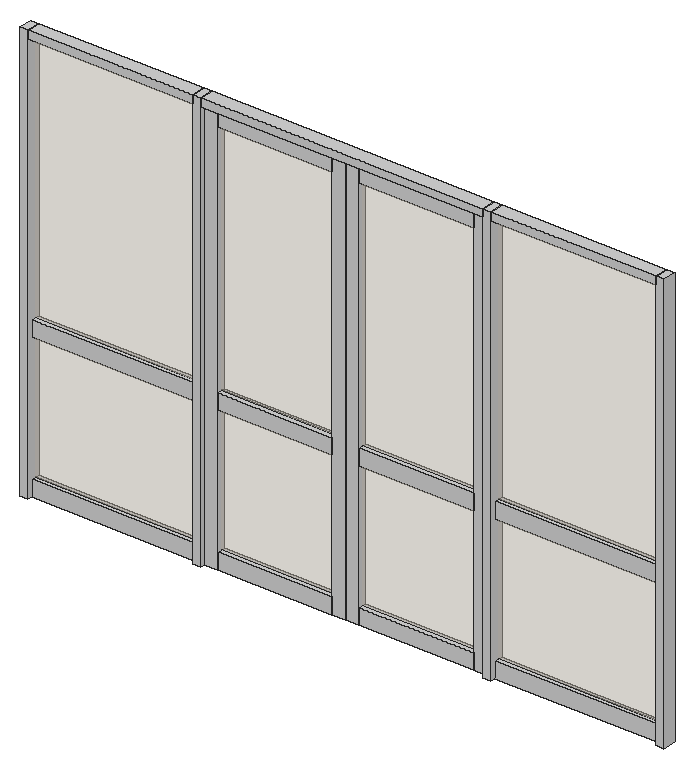
Revit family "DAL_A3-Aluminium-DD-with-sidelights-TA55", category Doors, host Wall, Revit 2016
Family settings
  Host = Wall
  Always vertical = Yes
  Cut with Voids When Loaded = No
  Shared = No
  Room Calculation Point = No
Parameters (values of type "3645w x 2380h Double Door Center")
  Shop Depth = 57.5 mm
  Other = ""
  Notes = ""
  Height = 2380 mm
  Wall Closure = By host
  Width = 3645 mm
  Function = Interior
  Construction Type = "TA55"
  Assembly Code = ""
Reference planes
  plane 1: y = 0
  plane 2 "Center (Left/Right)": x = 0
  plane 3 "Left": x = -1822.5
  plane 4 "Right": x = 1822.5
  plane 5: z = 2380
  plane 6 "Exterior": y = 172.5
  plane 7 "Interior": y = -172.5
  plane 8 "Shop Cline": y = 115
  plane 9 "Horizontal 01": z = 1490
  plane 10 "Bumper Rail": z = 900
  plane 11 "Door Opening": x = 822.5
  plane 12: x = 800
  plane 13: x = -822.5
  plane 14: x = -800
Forms (mm)
  Sweep 1, solid, material "Shopfront Frame"
    path origin (0, 115, 0) x (1, 0, 0) y (0, 0, 1)
      loop
        line (1822.5, 0) -> (1822.5, 2380)
    profile origin (1822.5, 115, 1190) x (-1, 0, 0) y (0, -1, 0)
      loop
        line (0, -28.01) -> (45, -28.01) -> (45, 46.99) -> (0, 46.99) -> (0, -28.01)
  Sweep 2, solid, material "Shopfront Frame"
    path origin (0, 115, 0) x (1, 0, 0) y (0, 0, 1)
      loop
        line (-1822.5, 2380) -> (-1822.5, 0)
    profile origin (-1822.5, 115, 1190) x (0, -1, 0) y (1, 0, 0)
      loop
        line (-28.01, 0) -> (46.99, 0) -> (46.99, 45) -> (-28.01, 45) -> (-28.01, 0)
  Sweep 3, solid, material "Shopfront Frame"
    path origin (0, 115, 0) x (1, 0, 0) y (0, 0, 1)
      loop
        line (822.5, 2380) -> (822.5, 0)
    profile origin (822.5, 115, 1190) x (0, -1, 0) y (1, 0, 0)
      loop
        line (-28.01, -22.5) -> (46.99, -22.5) -> (46.99, 22.5) -> (-28.01, 22.5) -> (-28.01, -22.5)
  Sweep 4, solid, material "Shopfront Frame"
    path origin (0, 115, 0) x (1, 0, 0) y (0, 0, 1)
      loop
        line (1777.5, 2380) -> (845, 2380)
    profile origin (1311.25, 115, 2380) x (0, 0, -1) y (0, -1, 0)
      loop
        line (0, -28.01) -> (45, -28.01) -> (45, 46.99) -> (0, 46.99) -> (0, -28.01)
  Sweep 5, solid, material "Shopfront Frame"
    path origin (0, 115, 0) x (1, 0, 0) y (0, 0, 1)
      loop
        line (800, 2380) -> (-800, 2380)
    profile origin (0, 115, 2380) x (0, 0, -1) y (0, -1, 0)
      loop
        line (0, -28.01) -> (45, -28.01) -> (45, 46.99) -> (0, 46.99) -> (0, -28.01)
  Sweep 6, solid, material "Shopfront Frame"
    path origin (0, 115, -35) x (1, 0, 0) y (0, 0, 1)
      loop
        line (1777.5, 900) -> (845, 900)
    profile origin (1311.25, 115, 865) x (0, 0, -1) y (0, -1, 0)
      loop
        line (-35, -23.01) -> (55, -23.01) -> (55, 21.99) -> (-35, 21.99) -> (-35, -23.01)
  Sweep 7, solid, material "Shopfront Frame"
    path origin (0, 115, 0) x (1, 0, 0) y (0, 0, 1)
      loop
        line (800, 0) -> (800, 2335)
    profile origin (800, 115, 1167.5) x (-1, 0, 0) y (0, -1, 0)
      loop
        line (0, -23.01) -> (75, -23.01) -> (75, 21.99) -> (0, 21.99) -> (0, -23.01)
  Sweep 8, solid, material "Shopfront Frame"
    path origin (0, 115, 0) x (1, 0, 0) y (0, 0, 1)
      loop
        line (1777.5, 0) -> (845, 0)
    profile origin (1311.25, 115, 0) x (0, 0, -1) y (0, -1, 0)
      loop
        line (-90, -23.01) -> (0, -23.01) -> (0, 21.99) -> (-90, 21.99) -> (-90, -23.01)
  Sweep 9, solid, material "Shopfront Frame"
    path origin (0, 115, 0) x (1, 0, 0) y (0, 0, 1)
      loop
        line (-800, 2335) -> (-800, 0)
    profile origin (-800, 115, 1167.5) x (0, -1, 0) y (1, 0, 0)
      loop
        line (-23.01, 0) -> (21.99, 0) -> (21.99, 75) -> (-23.01, 75) -> (-23.01, 0)
  Sweep 10, solid, material "Shopfront Frame"
    path origin (0, 115, 0) x (1, 0, 0) y (0, 0, 1)
      loop
        line (-75, 2335) -> (-725, 2335)
    profile origin (-400, 115, 2335) x (0, 0, -1) y (0, -1, 0)
      loop
        line (0, -23.01) -> (90, -23.01) -> (90, 21.99) -> (0, 21.99) -> (0, -23.01)
  Sweep 11, solid, material "Shopfront Frame"
    path origin (0, 115, 0) x (1, 0, 0) y (0, 0, 1)
      loop
        line (-75, 900) -> (-725, 900)
    profile origin (-400, 115, 900) x (0, 0, -1) y (0, -1, 0)
      loop
        line (0, -23.01) -> (90, -23.01) -> (90, 21.99) -> (0, 21.99) -> (0, -23.01)
  Extrusion 12, solid, material "Glass"
    sketch origin (0, 115, 0) x (1, 0, 0) y (0, 0, 1)
      loop
        line (-75, 90) -> (-75, 810) -> (-725, 810) -> (-725, 90) -> (-75, 90)
    from -2 to 2
  Extrusion 13, solid, material "Glass"
    sketch origin (0, 115, 0) x (1, 0, 0) y (0, 0, 1)
      loop
        line (-75, 2245) -> (-725, 2245) -> (-725, 900) -> (-75, 900) -> (-75, 2245)
    from -2 to 2
  Extrusion 14, solid, material "Glass"
    sketch origin (0, 115, 0) x (1, 0, 0) y (0, 0, 1)
      loop
        line (1777.5, 2335) -> (845, 2335) -> (845, 900) -> (1777.5, 900) -> (1777.5, 2335)
    from -2 to 2
  Extrusion 15, solid, material "Glass"
    sketch origin (0, 115, 0) x (1, 0, 0) y (0, 0, 1)
      loop
        line (1777.5, 810) -> (845, 810) -> (845, 90) -> (1777.5, 90) -> (1777.5, 810)
    from -2 to 2
  Extrusion 16, solid, material "Glass"
    sketch origin (0, 115, 0) x (1, 0, 0) y (0, 0, 1)
      loop
        line (725, 810) -> (75, 810) -> (75, 90) -> (725, 90) -> (725, 810)
    from -2 to 2
  Extrusion 17, solid, material "Glass"
    sketch origin (0, 115, 0) x (1, 0, 0) y (0, 0, 1)
      loop
        line (725, 2245) -> (75, 2245) -> (75, 900) -> (725, 900) -> (725, 2245)
    from -2 to 2
  Sweep 18, solid, material "Shopfront Frame"
    path origin (0, 115, 0) x (1, 0, 0) y (0, 0, 1)
      loop
        line (0, 2335) -> (0, 0)
    profile origin (0, 115, 1167.5) x (0, -1, 0) y (1, 0, 0)
      loop
        line (-23.01, -75) -> (21.99, -75) -> (21.99, 0) -> (-23.01, 0) -> (-23.01, -75)
  Sweep 19, solid, material "Shopfront Frame"
    path origin (0, 115, 75) x (1, 0, 0) y (0, 0, 1)
      loop
        line (0, -75) -> (0, 2260)
    profile origin (0, 115, 1167.5) x (-1, 0, 0) y (0, -1, 0)
      loop
        line (0, -23.01) -> (0, 21.99) -> (-75, 21.99) -> (-75, -23.01) -> (0, -23.01)
  Sweep 20, solid, material "Shopfront Frame"
    path origin (0, 115, 0) x (1, 0, 0) y (0, 0, 1)
      loop
        line (725, 2335) -> (75, 2335)
    profile origin (400, 115, 2335) x (0, 0, -1) y (0, -1, 0)
      loop
        line (0, -23.01) -> (90, -23.01) -> (90, 21.99) -> (0, 21.99) -> (0, -23.01)
  Sweep 21, solid, material "Shopfront Frame"
    path origin (0, 115, 0) x (1, 0, 0) y (0, 0, 1)
      loop
        line (725, 900) -> (75, 900)
    profile origin (400, 115, 900) x (0, 0, -1) y (0, -1, 0)
      loop
        line (0, -23.01) -> (90, -23.01) -> (90, 21.99) -> (0, 21.99) -> (0, -23.01)
  Sweep 22, solid, material "Shopfront Frame"
    path origin (0, 115, 0) x (1, 0, 0) y (0, 0, 1)
      loop
        line (725, 0) -> (75, 0)
    profile origin (400, 115, 0) x (0, 0, -1) y (0, -1, 0)
      loop
        line (-90, -23.01) -> (0, -23.01) -> (0, 21.99) -> (-90, 21.99) -> (-90, -23.01)
  Sweep 23, solid, material "Shopfront Frame"
    path origin (0, 115, 0) x (1, 0, 0) y (0, 0, 1)
      loop
        line (-75, 0) -> (-725, 0)
    profile origin (-400, 115, 0) x (0, 0, -1) y (0, -1, 0)
      loop
        line (-90, -23.01) -> (0, -23.01) -> (0, 21.99) -> (-90, 21.99) -> (-90, -23.01)
  Sweep 24, solid, material "Shopfront Frame"
    path origin (0, 115, 0) x (1, 0, 0) y (0, 0, 1)
      loop
        line (-822.5, 0) -> (-822.5, 2380)
    profile origin (-822.5, 115, 1190) x (-1, 0, 0) y (0, -1, 0)
      loop
        line (22.5, 46.99) -> (-22.5, 46.99) -> (-22.5, -28.01) -> (22.5, -28.01) -> (22.5, 46.99)
  Sweep 25, solid, material "Shopfront Frame"
    path origin (0, 115, 0) x (1, 0, 0) y (0, 0, 1)
      loop
        line (-845, 2380) -> (-1777.5, 2380)
    profile origin (-1311.25, 115, 2380) x (0, 0, -1) y (0, -1, 0)
      loop
        line (45, -28.01) -> (45, 46.99) -> (0, 46.99) -> (0, -28.01) -> (45, -28.01)
  Sweep 26, solid, material "Shopfront Frame"
    path origin (0, 115, 0) x (1, 0, 0) y (0, 0, 1)
      loop
        line (-845, 900) -> (-1777.5, 900)
    profile origin (-1311.25, 115, 900) x (0, 0, -1) y (0, -1, 0)
      loop
        line (0, -23.01) -> (90, -23.01) -> (90, 21.99) -> (0, 21.99) -> (0, -23.01)
  Extrusion 27, solid, material "Glass"
    sketch origin (0, 115, 0) x (1, 0, 0) y (0, 0, 1)
      loop
        line (-845, 900) -> (-845, 2335) -> (-1777.5, 2335) -> (-1777.5, 900) -> (-845, 900)
    from -2 to 2
  Sweep 28, solid, material "Shopfront Frame"
    path origin (0, 115, 0) x (1, 0, 0) y (0, 0, 1)
      loop
        line (-845, 0) -> (-1777.5, 0)
    profile origin (-1311.25, 115, 0) x (0, 0, -1) y (0, -1, 0)
      loop
        line (-90, -23.01) -> (0, -23.01) -> (0, 21.99) -> (-90, 21.99) -> (-90, -23.01)
  Extrusion 29, solid, material "Glass"
    sketch origin (0, 115, 0) x (1, 0, 0) y (0, 0, 1)
      loop
        line (-845, 90) -> (-845, 810) -> (-1777.5, 810) -> (-1777.5, 90) -> (-845, 90)
    from -2 to 2
Lines and regions (mm)
  Opening 1
    outline origin (-3050, -172.5, 0) x (1, 0, 0) y (0, 0, 1)
      loop
        line (1227.5, 0) -> (4872.5, 0) -> (4872.5, 2380) -> (1227.5, 2380) -> (1227.5, 0)
  symbolic lines, style "Elevation Swing"
    curve 1: line (-800, 0, 2332.5) -> (0, 0, 900)
    curve 2: line (0, 0, 900) -> (-800, 0, 0)
    curve 17: line (800, 0, 2332.5) -> (0, 0, 900)
    curve 18: line (0, 0, 900) -> (800, 0, 0)
  symbolic lines, style "DoorsPanelProjection"
    curve 3: line (-798.181, 816.191, 0) -> (-798.181, 891.191, 0)
    curve 4: line (-798.181, 891.191, 0) -> (-753.181, 891.191, 0)
    curve 5: line (-753.181, 891.191, 0) -> (-753.181, 816.191, 0)
    curve 6: line (-753.181, 816.191, 0) -> (-798.181, 816.191, 0)
    curve 7: line (-798.181, 138.01, 0) -> (-798.181, 213.01, 0)
    curve 8: line (-798.181, 213.01, 0) -> (-753.181, 213.01, 0)
    curve 9: line (-753.181, 213.01, 0) -> (-753.181, 138.01, 0)
    curve 10: line (-753.181, 138.01, 0) -> (-798.181, 138.01, 0)
    curve 11: line (-753.181, 816.191, 0) -> (-753.181, 213.01, 0)
    curve 12: line (-798.181, 213.01, 0) -> (-798.181, 816.191, 0)
    curve 19: line (798.181, 816.191, 0) -> (798.181, 891.191, 0)
    curve 20: line (798.181, 891.191, 0) -> (753.181, 891.191, 0)
    curve 21: line (753.181, 891.191, 0) -> (753.181, 816.191, 0)
    curve 22: line (753.181, 816.191, 0) -> (798.181, 816.191, 0)
    curve 23: line (798.181, 138.01, 0) -> (798.181, 213.01, 0)
    curve 24: line (798.181, 213.01, 0) -> (753.181, 213.01, 0)
    curve 25: line (753.181, 213.01, 0) -> (753.181, 138.01, 0)
    curve 26: line (753.181, 138.01, 0) -> (798.181, 138.01, 0)
    curve 27: line (753.181, 816.191, 0) -> (753.181, 213.01, 0)
    curve 28: line (798.181, 213.01, 0) -> (798.181, 816.191, 0)
  symbolic lines, style "DoorsGlassProjection"
    curve 13: line (-778.99, 213.01, 0) -> (-778.99, 816.191, 0)
    curve 14: line (-774.99, 213.01, 0) -> (-774.99, 816.191, 0)
    curve 29: line (778.99, 213.01, 0) -> (778.99, 816.191, 0)
    curve 30: line (774.99, 213.01, 0) -> (774.99, 816.191, 0)
  symbolic lines, style "Overhead"
    curve 15: line (-1822.5, 172.5, 0) -> (1822.5, 172.5, 0)
    curve 16: line (-1822.5, -172.5, 0) -> (1822.5, -172.5, 0)
  symbolic lines, style "Plan Swing"
    curve 31: arc (0, 138.01, 0) -> (-220.602, 670.589, 0) -> (-753.181, 891.191, 0) r 753.181
    curve 32: arc (753.181, 891.191, 0) -> (220.602, 670.589, 0) -> (0, 138.01, 0) r 753.181
Text (mm)
  text "Exterior" at (-2295.016, 1099.543, 0), in view "Ref. Level"
  text "Exterior" at (0, 1615.38, 3698.081), in view "Left"
  text "Exterior" at (0, 1036.032, 3874.932), in view "Right"
Dimensions and locks
  equal spacing: plane 3 "Left", plane 2 "Center (Left/Right)", plane 4 "Right"
  "Width": plane 3 "Left" to plane 4 "Right"
  "Height": plane 5 to host wall
  host wall to host wall = 2707.935 mm  (x2)
  locked: plane 6 "Exterior" to host wall at 0
  locked: plane 7 "Interior" to host wall
  "Shop Depth": plane 8 "Shop Cline" to plane 6 "Exterior"
  locked: plane 8 "Shop Cline" to curve 8 at 98.01
  plane 14 to plane 12 = 1600 mm
  locked: curve 24 to plane 8 "Shop Cline" at 98.01
  Sweep 8 to Sweep 8 to Sweep 6 to Sweep 6 to Sweep 4 to Sweep 4 = 90 mm, 720 mm, 90 mm, 1435 mm, 45 mm
  Sweep 1 to Sweep 1 to Sweep 3 to Sweep 7 to Sweep 24 to Sweep 24 to Sweep 2 to Sweep 2 = 45 mm, 932.5 mm, 45 mm, 1600 mm, 45 mm, 932.5 mm, 45 mm
  aligned and locked: plane 3 "Left" to Opening 1 sketch curve
  aligned and locked: plane 5 to Opening 1 sketch curve
  aligned and locked: Opening 1 sketch curve to plane 5
  aligned and locked: Opening 1 sketch curve to plane 4 "Right"
  aligned and locked: Opening 1 sketch curve to level
  aligned and locked: plane 1 to host wall
  aligned and locked: Sweep 1 sketch curve to host wall  (x2)
  aligned and locked: host wall to Sweep 2 sketch curve
  aligned and locked: Sweep 2 sketch curve to host wall
  aligned and locked: plane 5 to Sweep 3 sketch curve
  aligned and locked: Sweep 3 sketch curve to plane 11 "Door Opening"
  aligned and locked: Sweep 3 to Sweep 5 sketch curve  (x2)
  aligned and locked: Sweep 7 sketch curve to Sweep 3  (x2)
  aligned and locked: Sweep 11 sketch curve to plane 10 "Bumper Rail"
  aligned and locked: host wall to curve 15
  aligned and locked: curve 15 to host wall
  aligned and locked: curve 16 to host wall
  aligned and locked: host wall to curve 16
  aligned and locked: Sweep 18 to Sweep 10 sketch curve
  aligned and locked: Sweep 7 to Sweep 20 sketch curve  (x2)
  aligned and locked: Sweep 21 sketch curve to Sweep 7
  aligned and locked: Sweep 21 sketch curve to plane 10 "Bumper Rail"
  aligned and locked: Sweep 22 sketch curve to Sweep 7
  aligned and locked: Sweep 7 to Sweep 22 sketch curve
  aligned and locked: Sweep 1 to Sweep 4 sketch curve
  aligned and locked: Sweep 1 to Sweep 8 sketch curve
  aligned and locked: Extrusion 15 to Sweep 1
  aligned and locked: Extrusion 14 to Sweep 1
  aligned and locked: Sweep 23 sketch curve to Sweep 18  (x2)
  aligned and locked: plane 14 to Sweep 9 sketch curve
  aligned and locked: Sweep 11 sketch curve to Sweep 9
  aligned and locked: Extrusion 16 sketch curve to Sweep 19
  aligned and locked: Sweep 23 to Extrusion 12 sketch curve
  aligned and locked: Extrusion 12 sketch curve to Sweep 23
  aligned and locked: Extrusion 12 sketch curve to Sweep 11  (x2)
  aligned and locked: Extrusion 13 sketch curve to Sweep 18
  aligned and locked: Sweep 25 sketch curve to Sweep 24
  aligned and locked: Sweep 24 to Sweep 25 sketch curve
  aligned and locked: Sweep 24 to Sweep 26 sketch curve
  aligned and locked: Sweep 26 sketch curve to plane 10 "Bumper Rail"
  aligned and locked: Sweep 26 sketch curve to Sweep 6  (x3)
  aligned and locked: Sweep 6 to Sweep 26 sketch curve
  aligned and locked: Sweep 26 to Extrusion 27 sketch curve
  aligned and locked: Extrusion 27 sketch curve to Sweep 26
  aligned and locked: Sweep 24 to Sweep 28 sketch curve  (x2)
  aligned and locked: Sweep 28 sketch curve to Sweep 8  (x2)
  aligned and locked: Sweep 28 sketch curve to Sweep 7  (x2)
  aligned and locked: Sweep 28 to Extrusion 29 sketch curve
  aligned and locked: Extrusion 29 sketch curve to Sweep 28
  aligned and locked: Extrusion 29 sketch curve to Sweep 26  (x2)
  aligned and locked: Extrusion 15 to Sweep 8
  aligned and locked: Sweep 8 to Extrusion 16
  aligned and locked: Extrusion 15 to Sweep 6
  aligned and locked: Extrusion 16 to Sweep 6
  aligned and locked: plane 10 "Bumper Rail" to Extrusion 13
  aligned and locked: plane 10 "Bumper Rail" to Extrusion 17
  aligned and locked: Extrusion 14 to plane 10 "Bumper Rail"
  aligned and locked: Sweep 6 to Extrusion 17
  aligned and locked: Extrusion 16 to Extrusion 17
  aligned and locked: Extrusion 17 to Sweep 7
  aligned and locked: Extrusion 14 to Sweep 4
  aligned and locked: Extrusion 27 to Sweep 25
  aligned: Extrusion 13 to Sweep 10
Automatic sketch dimensions
  Sweep 1 sketch curve to profile plane = 0 mm
  Sweep 1 sketch curve to Sweep 1 sketch curve = 45 mm
  Sweep 1 sketch curve to plane 8 "Shop Cline" = 28.01 mm
  plane 8 "Shop Cline" to Sweep 1 sketch curve = 46.99 mm
  Sweep 2 sketch curve to level = 0 mm
  Sweep 2 sketch curve to profile plane = 0 mm
  Sweep 2 sketch curve to plane 8 "Shop Cline" = 28.01 mm
  plane 8 "Shop Cline" to Sweep 2 sketch curve = 46.99 mm
  Sweep 2 sketch curve to Sweep 2 sketch curve = 45 mm
  Sweep 3 sketch curve to level = 0 mm
  Sweep 3 sketch curve to plane 8 "Shop Cline" = 28.01 mm
  profile plane to Sweep 3 sketch curve = 22.5 mm
  plane 8 "Shop Cline" to Sweep 3 sketch curve = 46.99 mm
  Sweep 3 sketch curve to profile plane = 22.5 mm
  Sweep 4 sketch curve to profile plane = 0 mm
  Sweep 4 sketch curve to profile plane = 45 mm
  Sweep 4 sketch curve to plane 8 "Shop Cline" = 28.01 mm
  plane 8 "Shop Cline" to Sweep 4 sketch curve = 46.99 mm
  Sweep 5 sketch curve to profile plane = 0 mm
  Sweep 5 sketch curve to profile plane = 45 mm
  Sweep 5 sketch curve to plane 8 "Shop Cline" = 28.01 mm
  plane 8 "Shop Cline" to Sweep 5 sketch curve = 46.99 mm
  plane 8 "Shop Cline" to Sweep 6 sketch curve = 21.99 mm
  profile plane to Sweep 6 sketch curve = 35 mm
  Sweep 6 sketch curve to plane 8 "Shop Cline" = 23.01 mm
  Sweep 6 sketch curve to profile plane = 55 mm
  Sweep 7 sketch curve to profile plane = 0 mm
  plane 8 "Shop Cline" to Sweep 7 sketch curve = 21.99 mm
  Sweep 7 sketch curve to profile plane = 75 mm
  Sweep 7 sketch curve to plane 8 "Shop Cline" = 23.01 mm
  Sweep 8 sketch curve to profile plane = 0 mm
  Sweep 8 sketch curve to plane 8 "Shop Cline" = 23.01 mm
  profile plane to Sweep 8 sketch curve = 90 mm
  plane 8 "Shop Cline" to Sweep 8 sketch curve = 21.99 mm
  Sweep 9 sketch curve to profile plane = 0 mm
  Sweep 9 sketch curve to plane 8 "Shop Cline" = 23.01 mm
  plane 8 "Shop Cline" to Sweep 9 sketch curve = 21.99 mm
  Sweep 9 sketch curve to profile plane = 75 mm
  Sweep 1 sketch curve to level = 0 mm
  plane 11 "Door Opening" to Extrusion 14 sketch curve = 22.5 mm
  Extrusion 14 sketch curve to plane 10 "Bumper Rail" = 0 mm
  Extrusion 14 sketch curve to plane 9 "Horizontal 01" = 845 mm
  plane 11 "Door Opening" to Extrusion 15 sketch curve = 22.5 mm
  level to Extrusion 15 sketch curve = 90 mm
  plane 10 "Bumper Rail" to Extrusion 15 sketch curve = 90 mm
  Sweep 18 sketch curve to profile plane = 0 mm
  Sweep 18 sketch curve to plane 8 "Shop Cline" = 23.01 mm
  plane 8 "Shop Cline" to Sweep 18 sketch curve = 21.99 mm
  Sweep 18 sketch curve to Sweep 18 sketch curve = 75 mm
  profile plane to Sweep 19 sketch curve = 75 mm
  Sweep 19 sketch curve to profile plane = 0 mm
  Sweep 19 sketch curve to plane 8 "Shop Cline" = 23.01 mm
  plane 8 "Shop Cline" to Sweep 19 sketch curve = 21.99 mm
  Sweep 20 sketch curve to profile plane = 0 mm
  Sweep 20 sketch curve to plane 8 "Shop Cline" = 23.01 mm
  Sweep 20 sketch curve to Sweep 20 sketch curve = 90 mm
  plane 8 "Shop Cline" to Sweep 20 sketch curve = 21.99 mm
  Extrusion 14 sketch curve to Extrusion 14 sketch curve = 932.5 mm
  Extrusion 15 sketch curve to Extrusion 15 sketch curve = 932.5 mm
  plane 11 "Door Opening" to Sweep 4 sketch curve = 22.5 mm
  plane 4 "Right" to Sweep 4 sketch curve = 45 mm
  plane 11 "Door Opening" to Sweep 6 sketch curve = 22.5 mm
  plane 4 "Right" to Sweep 6 sketch curve = 45 mm
  plane 11 "Door Opening" to Sweep 8 sketch curve = 22.5 mm
  plane 4 "Right" to Sweep 8 sketch curve = 45 mm
  plane 2 "Center (Left/Right)" to Extrusion 17 sketch curve = 75 mm
  plane 12 to Extrusion 17 sketch curve = 75 mm
  Extrusion 17 sketch curve to plane 10 "Bumper Rail" = 0 mm
  plane 2 "Center (Left/Right)" to Sweep 21 sketch curve = 75 mm
  plane 2 "Center (Left/Right)" to Sweep 20 sketch curve = 75 mm
  plane 2 "Center (Left/Right)" to Sweep 22 sketch curve = 75 mm
  Sweep 10 sketch curve to plane 14 = 75 mm
  Sweep 10 sketch curve to plane 2 "Center (Left/Right)" = 75 mm
  Sweep 11 sketch curve to plane 2 "Center (Left/Right)" = 75 mm
  plane 12 to Extrusion 16 sketch curve = 75 mm
  level to Extrusion 16 sketch curve = 90 mm
  plane 10 "Bumper Rail" to Extrusion 16 sketch curve = 90 mm
  Sweep 23 sketch curve to plane 14 = 75 mm
  Extrusion 17 sketch curve to plane 9 "Horizontal 01" = 755 mm
  Extrusion 13 sketch curve to plane 14 = 75 mm
  Extrusion 13 sketch curve to plane 10 "Bumper Rail" = 0 mm
  Extrusion 13 sketch curve to plane 9 "Horizontal 01" = 755 mm
  Sweep 24 sketch curve to plane 5 = 0 mm
  Sweep 24 sketch curve to plane 13 = 0 mm
  Sweep 24 sketch curve to level = 0 mm
  profile plane to Sweep 24 sketch curve = 22.5 mm
  Sweep 24 sketch curve to profile plane = 22.5 mm
  Sweep 24 sketch curve to plane 8 "Shop Cline" = 28.01 mm
  plane 8 "Shop Cline" to Sweep 24 sketch curve = 46.99 mm
  Sweep 5 sketch curve to plane 14 = 0 mm
  Sweep 25 sketch curve to plane 3 "Left" = 45 mm
  Sweep 25 sketch curve to profile plane = 0 mm
  Sweep 25 sketch curve to profile plane = 45 mm
  Sweep 25 sketch curve to plane 8 "Shop Cline" = 28.01 mm
  plane 8 "Shop Cline" to Sweep 25 sketch curve = 46.99 mm
  Sweep 26 sketch curve to plane 3 "Left" = 45 mm
  Sweep 28 sketch curve to plane 3 "Left" = 45 mm
  curve 31 to plane 2 "Center (Left/Right)" = 0 mm
  curve 32 to plane 2 "Center (Left/Right)" = 0 mm
  curve 16 to host wall = 0 mm
  curve 15 to host wall = 0 mm
  curve 4 to plane 14 = 1.819 mm
  curve 3 to curve 13 = 19.191 mm
  curve 13 to curve 14 = 4 mm
  curve 14 to curve 6 = 21.809 mm
  plane 12 to curve 27 = 46.819 mm
  curve 24 to curve 30 = 21.809 mm
  curve 30 to curve 29 = 4 mm
  plane 12 to curve 28 = 1.819 mm
  curve 31 to plane 8 "Shop Cline" = 23.01 mm
  curve 26 to plane 8 "Shop Cline" = 23.01 mm
  curve 7 to plane 8 "Shop Cline" = 23.01 mm
  curve 29 to curve 32 = 75 mm
  curve 3 to curve 3 = 75 mm
  Sweep 22 sketch curve to profile plane = 0 mm
  Sweep 22 sketch curve to plane 8 "Shop Cline" = 23.01 mm
  profile plane to Sweep 22 sketch curve = 90 mm
  plane 8 "Shop Cline" to Sweep 22 sketch curve = 21.99 mm
  Sweep 23 sketch curve to profile plane = 0 mm
  Sweep 23 sketch curve to plane 8 "Shop Cline" = 23.01 mm
  profile plane to Sweep 23 sketch curve = 90 mm
  plane 8 "Shop Cline" to Sweep 23 sketch curve = 21.99 mm
  plane 10 "Bumper Rail" to Sweep 6 sketch curve = 35 mm
  Sweep 21 sketch curve to profile plane = 0 mm
  Sweep 21 sketch curve to plane 8 "Shop Cline" = 23.01 mm
  Sweep 21 sketch curve to profile plane = 90 mm
  plane 8 "Shop Cline" to Sweep 21 sketch curve = 21.99 mm
  Sweep 11 sketch curve to profile plane = 0 mm
  Sweep 11 sketch curve to plane 8 "Shop Cline" = 23.01 mm
  Sweep 11 sketch curve to profile plane = 90 mm
  plane 8 "Shop Cline" to Sweep 11 sketch curve = 21.99 mm
  curve 17 to plane 12 = 0 mm
  curve 1 to plane 14 = 0 mm
  curve 18 to plane 2 "Center (Left/Right)" = 0 mm
  curve 18 to plane 10 "Bumper Rail" = 0 mm
  curve 18 to level = 0 mm
  curve 2 to level = 0 mm
  curve 2 to plane 14 = 0 mm
  curve 18 to plane 12 = 0 mm
  plane 5 to curve 1 = 47.5 mm
  plane 5 to curve 17 = 47.5 mm
  plane 5 to Sweep 7 sketch curve = 45 mm
  Sweep 19 sketch curve to plane 2 "Center (Left/Right)" = 0 mm
  Sweep 19 sketch curve to level = 0 mm
  plane 5 to Sweep 19 sketch curve = 45 mm
  Sweep 18 sketch curve to level = 0 mm
  Sweep 18 sketch curve to plane 2 "Center (Left/Right)" = 0 mm
  plane 5 to Sweep 18 sketch curve = 45 mm
  Sweep 9 sketch curve to level = 0 mm
  plane 5 to Sweep 9 sketch curve = 45 mm
  Sweep 10 sketch curve to profile plane = 0 mm
  Sweep 10 sketch curve to plane 8 "Shop Cline" = 23.01 mm
  Sweep 10 sketch curve to profile plane = 90 mm
  plane 8 "Shop Cline" to Sweep 10 sketch curve = 21.99 mm
  Extrusion 27 sketch curve to plane 3 "Left" = 45 mm
  Extrusion 27 sketch curve to plane 9 "Horizontal 01" = 845 mm
